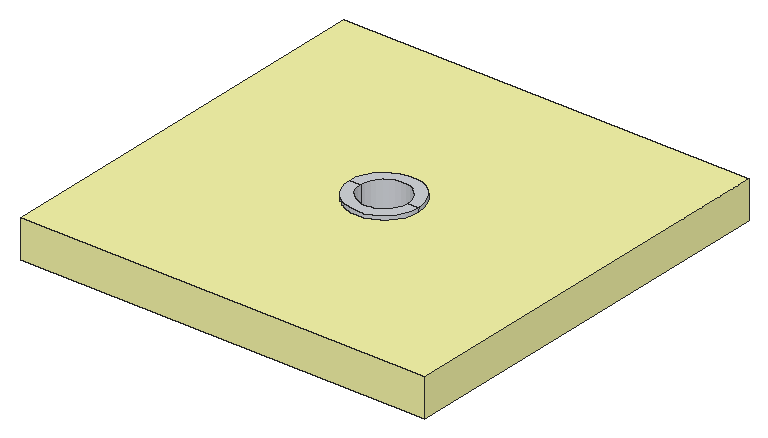
Revit family "EP_Flex Outlet Plate", category Electrical Fixtures, host Face, Revit 2013
Parameters
  Default Elevation = 1200 mm
Reference planes
  plane 1 "Center (Front/Back)": y = 0
  plane 2: z = 0
  plane 3 "Center (Left/Right)": x = 0
  plane 4: x = -43
  plane 5: x = 43
  plane 6: y = 43
  plane 7: y = -43
  plane 8 "Switch": z = 8
Forms (mm)
  Extrusion 1, solid, material "Face Plate"
    sketch origin (0, 0, 0) x (1, 0, 0) y (0, 1, 0)
      loop
        line (-43, -43) -> (43, -43) -> (43, 43) -> (-43, 43) -> (-43, -43)
    from 0 to 8
  Extrusion 2, void
    sketch origin (0, 0, 0) x (1, 0, 0) y (0, 1, 0)
      loop
        circle (0, 0) r 6.041
    from 0 to 8
  Revolve 3, solid
    sketch origin (0, 0, 0) x (1, 0, 0) y (0, 0, 1)
      loop
        line (-7.369, 8) -> (-6.041, 8) -> (-6.041, 0) -> (-5.041, 0) -> (-5.041, 8.809) -> (-7.369, 8.809) -> (-7.369, 8)
      axis (0, 0) -> (0, 8.809)
    angle from 0 to 360
Cuts and joins
  Extrusion 2 cuts Extrusion 1
Dimensions and locks
  plane 4 to plane 3 "Center (Left/Right)" to plane 5 = 43 mm, 43 mm
  aligned and locked: plane 2 to host face
  aligned and locked: level to host face
Nested families
  nested 1: "EP_FOP" at (0, 0, 0), type "EP_FOP"
Definition of nested family "EP_FOP"
  Reference planes
    plane 1: y = 0
    plane 2: x = 0
  Lines and regions (mm)
    detail lines, style "Power Symbols"
      curve 1: line (-1.494, 0, 0) -> (1.506, 0, 0)
      curve 2: arc (1.506, 0, 0) -> (0.006, 1.5, 0) -> (-1.494, 0, 0) r 1.5
  Text (mm)
    text "F" at (-0.331, 1.43, 0)
